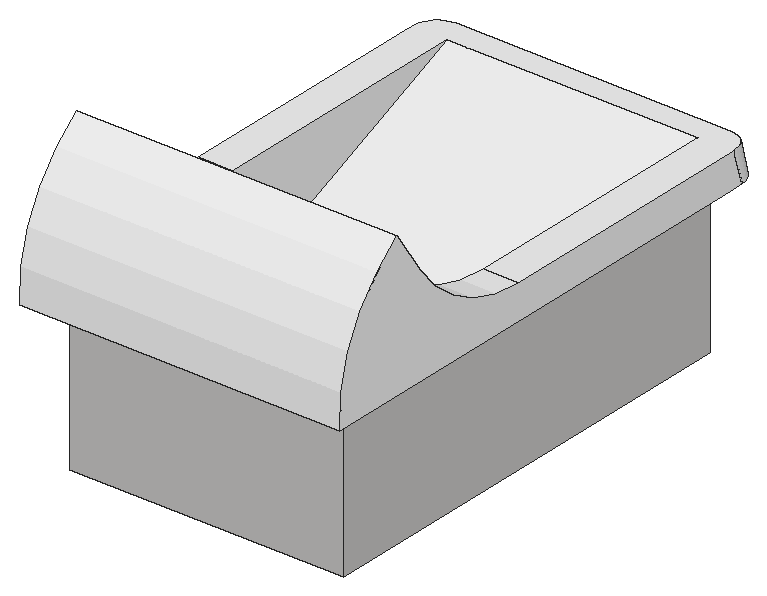
Revit family "Toilet_Paper_holder-Whitehall-BestCare_DignitySuite-WHD-TP", category Specialty Equipment, host Face, Revit 2018
Family settings
  Host = Face
  Round Connector Dimension = Use Diameter
  Part Type = Normal
  OmniClass Number = 23.40.20.21.17
  OmniClass Title = Paper Towel Dispensers, Disposal Units
  Cut with Voids When Loaded = No
  Shared = Yes
  Room Calculation Point = No
Parameters (values of type "WHD-TP")
  Warranty Documentation Link = "https://www.whitehallmfg.com/uploads/docs/WH_Terms_Fixture.pdf"
  URL = "https://www.whitehallmfg.com/home"
  Type Comments = ""
  Product Documentation Link = "https://www.whitehallmfg.com/uploads/fileLibrary/WHD-TP.pdf"
  Price = "Prices may vary. Please consult Manufacturer Representative for most up-to-date price list."  # constant formula
  Mounting Frame Material = Metal-Whitehall-Galvanized Steel
  Model = "WHD-TP"
  Manufacturer = "Whitehall Mfg."  # constant formula
  Length = 7"
  Installation Type = "Wall Mounted"  # constant formula
  Holder Material = Polymer Resin Corterra-Whitehall-Blanco (OCC11)
  Height = 11 1/2"
  Frame Thickness = 3 3/8"
  Frame Length = 6"
  Frame Height = 10"
  Description = "Ligature Resistant Toilet Paper Holder Assembly"
  Default Elevation = 0"
  Creation Date = "07/23/2021"  # constant formula
  Assembly Code = "C1030200"
  -OCC Optional Corterra Color Specify OCC- = no
Reference planes (in)
  plane 1 "Center (Front/Back)": y = 0
  plane 2: z = 0
  plane 3 "Center (Left/Right)": x = 0
  plane 4: x = 3
  plane 5: x = -3
  plane 6: y = 5.75
  plane 7: y = -5.75
  plane 8: x = -3.5
  plane 9: x = 3.5
  plane 10: y = -5
  plane 11: y = 5
  plane 12: z = -3.375
  plane 13: z = 0.75
  plane 14: x = 2.75
  plane 15: x = -2.75
Forms (in)
  Extrusion 1, solid, material "Polymer Resin Corterra-Whitehall-Blanco (OCC11)" <- "Holder Material"
    sketch origin (13.61645, 12.66986, 0) x (1, 0, 0) y (0, 0, -1)
      loop
        line (-10.61645, 0) -> (-10.61645, 3.375) -> (-16.61645, 3.375) -> (-16.61645, 0) -> (-10.61645, 0)
    from -17.66986 to -7.66986
  Extrusion 2, solid, material "Polymer Resin Corterra-Whitehall-Blanco (OCC11)" <- "Holder Material"
    sketch origin (24.232, -9.73893, 0) x (0, -1, 0) y (0, 0, -1)
      loop
        line (-3.98534, 0) -> (-15.48893, 0) -> (-15.28797, -0.75) -> (-8.88449, -0.75)
        arc (-8.88449, -0.75) -> (-7.35649, -1.1316) -> (-6.18732, -2.18679) r 3.25
        line (-6.18732, -2.18679) -> (-5.55683, -3.12465)
        arc (-5.55683, -3.12465) -> (-4.36137, -1.76838) -> (-3.98534, 0) r 3.56356
    from -27.732 to -20.732
  Extrusion 3, void
    sketch origin (24.232, -9.73893, 0) x (0, 1, 0) y (0, 0, -1)
      loop
        line (14.73893, -0.75) -> (8.27044, 1.94378)
        arc (8.27044, 1.94378) -> (5.58347, 0.7083) -> (6.18732, -2.18679) r 2.37306
        line (6.18732, -2.18679) -> (14.73893, -2.18679) -> (14.73893, -0.75)
    from 21.482 to 26.982
  Extrusion 4, void
    sketch origin (0, 0, 0) x (1, 0, 0) y (0, 1, 0)
      loop
        line (-3, 5) -> (-3, -5) -> (3, -5) -> (3, 5) -> (-3, 5)
    from -3.375 to 0
  Blend 5, void
    base sketch origin (0, 0, 0) x (1, 0, 0) y (0, 1, 0)
      loop
        line (-3.5, 5) -> (-3.5, 5.25)
        arc (-3.5, 5.25) -> (-3.35355, 5.60355) -> (-3, 5.75) r 0.5
        line (-3, 5.75) -> (3, 5.75)
        arc (3, 5.75) -> (3.35355, 5.60355) -> (3.5, 5.25) r 0.5
        line (3.5, 5.25) -> (3.5, 5) -> (4, 5) -> (4, 6.5) -> (-4, 6.5) -> (-4, 5) -> (-3.5, 5)
    top sketch origin (0, 0, 0) x (1, 0, 0) y (0, 1, 0)
      loop
        line (-4, 4.875) -> (-3.5, 4.875) -> (-3.5, 5.04904)
        arc (-3.5, 5.04904) -> (-3.35355, 5.40259) -> (-3, 5.54904) r 0.5
        line (-3, 5.54904) -> (3, 5.54904)
        arc (3, 5.54904) -> (3.35355, 5.40259) -> (3.5, 5.04904) r 0.5
        line (3.5, 5.04904) -> (3.5, 4.875) -> (4, 4.875) -> (4, 6.5) -> (-4, 6.5) -> (-4, 4.875)
    from 0 to 0.75
Cuts and joins
  Extrusion 3, Blend 5 cuts Extrusion 1
  Extrusion 3, Blend 5 cuts Extrusion 2
  joined: Extrusion 1, Extrusion 2
Lines and regions (in)
  Masking region 1
    outline origin (13.61645, 12.66986, 0) x (1, 0, 0) y (0, 0, -1)
      loop
        line (-17.11645, -3.12465) -> (-10.11645, -3.12465) -> (-10.11645, 0) -> (-17.11645, 0) -> (-17.11645, -3.12465)
  symbolic lines, detail levels medium+fine
    curve 1: line (-3.5, 12.66986, 0.75) -> (3.5, 12.66986, 0.75)
  symbolic lines, detail levels fine
    curve 2: line (2.75, 12.66986, 2.18679) -> (2.75, 12.66986, 0.75)
    curve 3: line (-2.75, 12.66986, 2.18679) -> (2.75, 12.66986, 2.18679)
    curve 4: line (-2.75, 12.66986, 0.75) -> (-2.75, 12.66986, 2.18679)
Dimensions and locks (in)
  equal spacing: plane 5, plane 3 "Center (Left/Right)", plane 4
  "Frame Length": plane 5 to plane 4
  equal spacing: plane 7, plane 1 "Center (Front/Back)", plane 6
  "Height": plane 6 to plane 7
  equal spacing: plane 8, plane 3 "Center (Left/Right)", plane 9
  "Length": plane 8 to plane 9
  equal spacing: plane 10, plane 1 "Center (Front/Back)", plane 11
  "Frame Height": plane 10 to plane 11
  "Frame Thickness": host face to plane 12
  plane 13 to host face = 3/4"
  plane 5 to plane 4 = 6"
  plane 9 to plane 8 = 7"
  plane 12 to host face = 3 3/8"
  host face to plane 13 = 3/4"
  plane 7 to plane 6 = 11 1/2"
  locked: plane 14 to plane 4 at 0.25
  locked: plane 15 to plane 5 at 0.25
  aligned and locked: plane 2 to host face
  aligned and locked: level to host face
  aligned and locked: Extrusion 1 sketch curve to level
  aligned and locked: plane 4 to Extrusion 1 sketch curve
  aligned and locked: plane 12 to Extrusion 1 sketch curve
  aligned and locked: plane 5 to Extrusion 1 sketch curve
  aligned and locked: Extrusion 1 to plane 10
  aligned and locked: Extrusion 1 to plane 11
  aligned and locked: Extrusion 2 to plane 8
  aligned and locked: plane 9 to Extrusion 2
  aligned and locked: Extrusion 4 to plane 5
  aligned and locked: Extrusion 4 to plane 4
  aligned and locked: Extrusion 4 to plane 10
  aligned and locked: Extrusion 4 to plane 11
  aligned and locked: level to Extrusion 4
  aligned and locked: Extrusion 3 to plane 14
  aligned and locked: host face to Masking region 1 sketch curve
  aligned and locked: Extrusion 4 to plane 12
Automatic sketch dimensions
  host sketch curve to host sketch curve = 96"  (x2)
  Extrusion 2 sketch curve to Extrusion 2 sketch curve = 0.20096"
  Extrusion 2 sketch curve to Extrusion 2 sketch curve = 6.40347"
  Extrusion 2 sketch curve to Extrusion 2 sketch curve = 1.33952"
  Extrusion 2 sketch curve to Extrusion 2 sketch curve = 1.35766"
  Extrusion 2 sketch curve to Extrusion 2 sketch curve = 0.63049"
  Extrusion 2 sketch curve to Extrusion 2 sketch curve = 2.20197"
  Extrusion 3 sketch curve to Extrusion 3 sketch curve = 1.51501"
  Extrusion 3 sketch curve to Extrusion 3 sketch curve = 6.46849"
  Extrusion 2 sketch curve to level = 0"
  Extrusion 2 sketch curve to plane 6 = 0"
  Extrusion 2 sketch curve to plane 13 = 0"
  level to Extrusion 2 sketch curve = 2.18679"
  Extrusion 2 sketch curve to Extrusion 2 sketch curve = 0.93786"
  Extrusion 3 sketch curve to plane 11 = 0"
  Extrusion 3 sketch curve to plane 13 = 0"
  level to Extrusion 3 sketch curve = 0.36027"
  plane 1 "Center (Front/Back)" to Extrusion 3 sketch curve = 2.0366"
  plane 13 to Extrusion 3 sketch curve = 1.43679"
  Extrusion 4 sketch curve to plane 6 = 3/4"
  Extrusion 4 sketch curve to plane 9 = 6 1/2"
  Extrusion 4 sketch curve to plane 7 = 3/4"
  Extrusion 4 sketch curve to Extrusion 4 sketch curve = 6"
  curve 1 to plane 8 = 0"
  curve 1 to plane 9 = 0"
  curve 4 to plane 13 = 0"
  curve 4 to plane 15 = 0"
  plane 14 to curve 3 = 0"
  plane 13 to curve 4 = 1.43679"
  Masking region 1 sketch curve to plane 8 = 0"
  Masking region 1 sketch curve to plane 9 = 0"
  plane 13 to Masking region 1 sketch curve = 2.37465"
  Blend 5 sketch curve to plane 8 = 0"  (x2)
  Blend 5 sketch curve to plane 5 = 0"  (x2)
  Blend 5 sketch curve to plane 9 = 0"  (x2)
  plane 11 to Blend 5 sketch curve = 1/8"  (x2)
  Blend 5 sketch curve to Blend 5 sketch curve = 1/2"
  Blend 5 sketch curve to plane 4 = 0"  (x2)
  plane 9 to Blend 5 sketch curve = 1/2"  (x2)
  Blend 5 sketch curve to plane 11 = 0.04904"
  plane 6 to Blend 5 sketch curve = 3/4"  (x2)
  plane 11 to Blend 5 sketch curve = 0"  (x2)
  Blend 5 sketch curve to plane 6 = 0"
  Blend 5 sketch curve to plane 8 = 1/2"
